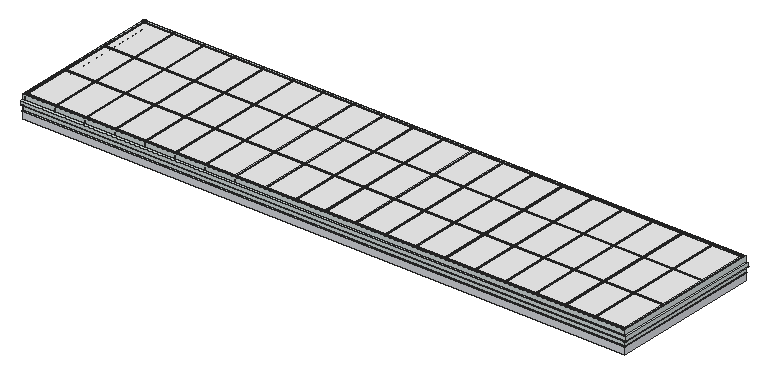
Revit family "9ab004c9-0dd5-42d9-a77c-b15780276715", category Windows, host Roof, Revit 2016
Family settings
  Host = Roof
  Work Plane-Based = No
  Always vertical = No
  Cut with Voids When Loaded = No
  Shared = No
  Room Calculation Point = No
Parameters
  opening length [instance] = OCD Length - (Curb Depth * 2)  # 19' - 8"
  opening width [instance] = OCD Width - (Curb Depth * 2)  # 4' - 8"
  grid width [instance] = 1' - 0"  # constant formula
  grid height [instance] = if([4' wide OCD], (panel width / 2' 0") * 1' 0", 1' 8")  # 1' - 8"
  curb setback = 0' - 0 5/16"  # constant formula
  panel length [instance] = OCD Length - (curb setback * 2)  # 19' - 11 3/8"
  panel width [instance] = OCD Width - (curb setback * 2)  # 4' - 11 3/8"
  construction curb height [instance] = Curb Height - 0' 0 5/128"  # 0' - 5 123/128"
  OCD Length [instance] = 20' - 0"
  OCD Width [instance] = if([5' wide OCD], 5' 0", 4' 0")  # 5' - 0"
  Kalwall Interior Facesheet [instance] = Kalwall White FRP
  Kalwall Exterior Facesheet [instance] = Kalwall Crystal FRP
  KCRF Material [instance] = KCRF Aluminum #79
  Curb Material [instance] = none
  Curb Height [instance] = 0' - 6"
  Curb Depth [instance] = 0' - 2"
  Analytic Construction = "<None>"
  5' wide OCD [instance] = not([4' wide OCD])  # yes
  4' wide OCD [instance] = no
  4" panel [instance] = not([2 3/4" panel])  # no
  2 3/4" panel [instance] = yes
Reference planes (in)
  plane 1 "Center (Front/Back)": y = 0
  plane 2 "Roof": z = 144
  plane 3 "Center (Left/Right)": x = 0
  plane 4: x = -120
  plane 5: x = 120
  plane 6: y = -30
  plane 7: y = 30
  plane 8 "curb height": z = 156
  plane 9 "construction curb height": z = 155.9609375
Forms (in)
  Sweep 1, solid, material "KCRF Aluminum #79" <- "KCRF Material"
    path origin (0, 0, 156) x (0, 1, 0) y (-1, 0, 0)
      loop
        line (30, 120) -> (-30, 120) -> (-30, -120) -> (30, -120) -> (30, 120)
    profile "Curb-Standard profile : Curb-Standard profile" origin (0, 30, 156) x (0, 1, 0) y (0, 0, 1)
      loop
        line (0.44, -0.858889) -> (0.44, 0.5575374) -> (0, 0.9975374) -> (0, 2.8651562)
        arc (0, 2.8651562) -> (-0.0263146, 2.9286854) -> (-0.0898438, 2.955) r 0.0898438
        line (-0.0898438, 2.955) -> (-0.9129935, 2.955)
        arc (-0.9129935, 2.955) -> (-0.9765226, 2.9286854) -> (-1.0028372, 2.8651562) r 0.0898438
        line (-1.0028372, 2.8651562) -> (-1.0028372, 2.83) -> (-0.08, 2.83) -> (-0.08, 0.08) -> (-0.8997316, 0.08) -> (-0.8997316, 0) -> (0.39, 0) -> (0.39, -0.8795997) -> (0.577, -1.0665997) -> (0.6123553, -1.0312444) -> (0.44, -0.858889)
  Sweep 2, solid, material "KCRF Aluminum #79" <- "KCRF Material"
    path origin (0, 0, 155.9609375) x (0, 1, 0) y (-1, 0, 0)
      loop
        line (-30, 120) -> (-30, -120) -> (30, -120) -> (30, 120) -> (-30, 120)
    profile "Curb flashing-standard profile : Curb flashing-standard profile" origin (0, -30, 155.9609375) x (0, 1, 0) y (0, 0, 1)
      loop
        line (2, 0) -> (2, 0.04) -> (-0.04, 0.04) -> (-0.04, -2.6709315) -> (-0.3376435, -2.9685749) -> (-0.3093592, -2.9968592) -> (0, -2.6875) -> (0, 0) -> (2, 0)
  Sweep 3, solid, material <- "Curb Material"
    path origin (0, 0, 150) x (0, 1, 0) y (-1, 0, 0)
      loop
        line (-30, 120) -> (-30, -120) -> (30, -120) -> (30, 120) -> (-30, 120)
    profile origin (0, -30, 150) x (0, 1, 0) y (0, 0, 1)
      loop
        line (0, 0) -> (2, 0) -> (2, 5.9609375) -> (0, 5.9609375) -> (0, 0)
Lines and regions (in)
  Opening 1
    outline origin (0, 0, 150) x (0, 1, 0) y (-1, 0, 0)
      loop
        line (28, 118) -> (-28, 118) -> (-28, -118) -> (28, -118) -> (28, 118)
Dimensions and locks (in)
  equal spacing: host sketch curve, plane 3 "Center (Left/Right)", host sketch curve
  equal spacing: host sketch curve, plane 1 "Center (Front/Back)", host sketch curve
  equal spacing: plane 7, plane 1 "Center (Front/Back)", plane 6
  "OCD Width": plane 7 to plane 6
  equal spacing: plane 4, plane 3 "Center (Left/Right)", plane 5
  "OCD Length": plane 4 to plane 5
  equal spacing: Opening 1 sketch curve, plane 3 "Center (Left/Right)", Opening 1 sketch curve
  "opening length": Opening 1 sketch curve to Opening 1 sketch curve
  equal spacing: Opening 1 sketch curve, plane 1 "Center (Front/Back)", Opening 1 sketch curve
  "opening width": Opening 1 sketch curve to Opening 1 sketch curve
  "Curb Height": plane 8 "curb height" to host roof
  "construction curb height": plane 9 "construction curb height" to host roof
  "construction curb height": Sweep 3 sketch curve to host roof
  "Curb Depth": Sweep 3 sketch curve to profile plane
  aligned and locked: plane 2 "Roof" to level
  aligned and locked: nested 1 to plane 1 "Center (Front/Back)"
  aligned and locked: plane 3 "Center (Left/Right)" to nested 1
  aligned and locked: Sweep 1 sketch curve to plane 7
  aligned and locked: plane 4 to Sweep 1 sketch curve
  aligned and locked: Sweep 1 sketch curve to plane 6
  aligned and locked: Sweep 1 sketch curve to plane 5
  aligned and locked: Sweep 2 sketch curve to plane 6
  aligned and locked: Sweep 2 sketch curve to plane 4
  aligned and locked: Sweep 2 sketch curve to plane 7
  aligned and locked: plane 5 to Sweep 2 sketch curve
  aligned and locked: Sweep 3 sketch curve to plane 6
  aligned and locked: Sweep 3 sketch curve to plane 4
  aligned and locked: Sweep 3 sketch curve to plane 7
  aligned and locked: plane 5 to Sweep 3 sketch curve
  aligned and locked: Sweep 3 sketch curve to profile plane
  aligned and locked: profile plane to Sweep 3 sketch curve
  aligned and locked: nested 1 to Sweep 1
Nested families (in)
  nested 1: "panel" at (0, 0, 156.08), type "panel"
    with panel length 19' - 11 3/8", no of vert ibeams 21
Definition of nested family "panel"
  Parameters (values of type "panel")
    panel length = 6' - 0"
    grid height = 1' - 8"
    panel width = 4' - 11 3/8"
    panel thickness = if([2 3/4" panel], 0' 2 3/4", if([4" panel], 0' 4", if(and([2 3/4" panel], [4" panel]), 0' 2 3/4", 0' 2 3/4")))  # 0' - 2 3/4"
    no of vert ibeams = if(Vertikal, panel length / 0' 10" + 1, if(and(Ladder, not(panel length > 10' 0")), 2, if(and(Ladder, panel length > 10' 0"), 3, panel length / grid width + 1)))  # 7
    no of horiz ibeams = if(and(Vertikal, panel width > 10' 0"), 3, if(Vertikal, 2, if(Ladder, panel width / 0' 10", panel width / grid height + 1)))  # 4
    grid width = 1' - 0"
    Vertikal = no
    Ladder = no
    Kalwall Interior Facesheet = none
    Kalwall Exterior Facesheet = none
    4" panel = no
    2 3/4" panel = yes
  Reference planes (in)
    plane 1 "Center (Front/Back)": y = 0
    plane 2: z = 0
    plane 3 "Center (Left/Right)": x = 0
    plane 4: y = 29.6875
    plane 5: y = -29.6875
    plane 6: x = -36
    plane 7: x = 36
    plane 8 "top side": z = 2.75
    plane 9: z = 2.6875
    plane 10: z = 0.0625
  Forms (in)
    Extrusion 1, solid, material <- "Kalwall Exterior Facesheet"
      sketch origin (0, 0, 2.75) x (-1, 0, 0) y (0, -1, 0)
        loop
          line (36, 29.6875) -> (-36, 29.6875) -> (-36, -29.6875) -> (36, -29.6875) -> (36, 29.6875)
      from 0 to -0.0625
    Extrusion 2, solid, material <- "Kalwall Interior Facesheet"
      sketch origin (0, 0, 2.75) x (-1, 0, 0) y (0, -1, 0)
        loop
          line (36, -29.6875) -> (36, 29.6875) -> (-36, 29.6875) -> (-36, -29.6875) -> (36, -29.6875)
      from -2.75 to -2.6875
  Dimensions and locks (in)
    equal spacing: plane 4, plane 1 "Center (Front/Back)", plane 5
    "panel width": plane 4 to plane 5
    equal spacing: plane 6, plane 3 "Center (Left/Right)", plane 7
    "panel length": plane 6 to plane 7
    "panel thickness": plane 8 "top side" to level
    equal spacing: group 1, group 6, group 7, group 8, group 9, group 10, group 2  (x3)
    equal spacing: group 3, group 5, group 11, group 4  (x3)
    locked: plane 8 "top side" to plane 9 at 0.0625
    locked: plane 10 to level at 0.0625
    aligned and locked: plane 2 to level
    aligned and locked: nested 1 to plane 6
    aligned and locked: nested 2 to plane 3 "Center (Left/Right)"
    aligned and locked: nested 2 to plane 5
    aligned and locked: plane 7 to nested 3
    aligned and locked: plane 4 to nested 4
    aligned and locked: Extrusion 1 sketch curve to plane 5
    aligned and locked: Extrusion 1 sketch curve to plane 6
    aligned and locked: plane 4 to Extrusion 1 sketch curve
    aligned and locked: plane 7 to Extrusion 1 sketch curve
    aligned and locked: Extrusion 1 to plane 9
    aligned and locked: Extrusion 2 to level
    aligned and locked: plane 10 to Extrusion 2
    aligned and locked: Extrusion 2 to plane 4
    aligned and locked: Extrusion 2 to plane 5
    aligned and locked: plane 7 to Extrusion 2
    aligned and locked: Extrusion 2 to plane 6
  Automatic sketch dimensions
    plane 6 to Extrusion 2 sketch curve = 6' - 0"
    Extrusion 2 sketch curve to Extrusion 2 sketch curve = 6' - 0"
    plane 4 to Extrusion 2 sketch curve = 0' - 0"
    Extrusion 2 sketch curve to plane 4 = 4' - 11 3/8"
  Nested families (in)
    nested 1: "ibeam" at (-35.75, 0, 0), type "ibeam vert"
    nested 2: "ibeam" at (0, -29.4375, 0) x (0, -1, 0) z (0, 0, 1), type "ibeam horiz"
      with panel thickness 0' - 2 3/4", ibeam length 6' - 0"
    nested 3: "ibeam" at (35.75, 0, 0), type "ibeam vert"
    nested 4: "ibeam" at (0, 29.4375, 0) x (0, -1, 0) z (0, 0, 1), type "ibeam horiz"
      with panel thickness 0' - 2 3/4", ibeam length 6' - 0"
    nested 5: "ibeam" at (0, -9.8125, 0) x (0, -1, 0) z (0, 0, 1), type "ibeam horiz"
      with panel thickness 0' - 2 3/4", ibeam length 6' - 0"
    nested 6: "ibeam" at (-23.8333333, 0, 0), type "ibeam vert"
    nested 7: "ibeam" at (-11.9166667, 0, 0), type "ibeam vert"
    nested 8: "ibeam" at (0, 0, 0), type "ibeam vert"
    nested 9: "ibeam" at (11.9166667, 0, 0), type "ibeam vert"
    nested 10: "ibeam" at (23.8333333, 0, 0), type "ibeam vert"
    nested 11: "ibeam" at (0, 9.8125, 0) x (0, -1, 0) z (0, 0, 1), type "ibeam horiz"
      with panel thickness 0' - 2 3/4", ibeam length 6' - 0"
  Definition of nested family "ibeam"
    Parameters (values of type "ibeam horiz")
      panel thickness = 0' - 2"
      ibeam length = 20' - 11 3/8"
    Types (2): name | panel thickness | ibeam length
      ibeam horiz | 0' - 2" | 20' - 11 3/8"
      ibeam vert | 0' - 2 3/4" | 4' - 11 3/8"
    Reference planes (in)
      plane 1 "Center (Front/Back)": y = 0
      plane 2: z = 0
      plane 3 "Center (Left/Right)": x = 0
      plane 4: y = -125.6875
      plane 5: y = 125.6875
      plane 6: z = 2
      plane 7: z = 1.8229853
      plane 8: z = 1.744
    Forms (in)
      Extrusion 1, solid
        sketch origin (0, 0, 0) x (1, 0, 0) y (0, 0, 1)
          loop
            line (-0.25, 1.744) -> (-0.1979778, 1.744) -> (-0.1979778, 1.7929238)
            arc (-0.1979778, 1.7929238) -> (-0.1891729, 1.8141805) -> (-0.1679163, 1.8229853) r 0.0300615
            line (-0.1679163, 1.8229853) -> (-0.1289904, 1.8229853)
            arc (-0.1289904, 1.8229853) -> (-0.0738385, 1.8001406) -> (-0.0509939, 1.7449887) r 0.0779966
            line (-0.0509939, 1.7449887) -> (-0.0509939, 0.254978)
            arc (-0.0509939, 0.254978) -> (-0.073845, 0.1998104) -> (-0.1290126, 0.1769592) r 0.0780188
            line (-0.1290126, 0.1769592) -> (-0.1679406, 0.1769592)
            arc (-0.1679406, 0.1769592) -> (-0.1891456, 0.1857426) -> (-0.197929, 0.2069476) r 0.0299884
            line (-0.197929, 0.2069476) -> (-0.197929, 0.256) -> (-0.25, 0.256) -> (-0.25, 0) -> (0.25, 0) -> (0.25, 0.256) -> (0.1980238, 0.256) -> (0.1980238, 0.2069238)
            arc (0.1980238, 0.2069238) -> (0.1892543, 0.1857524) -> (0.168083, 0.176983) r 0.0299408
            line (0.168083, 0.176983) -> (0.1290067, 0.176983)
            arc (0.1290067, 0.176983) -> (0.0738475, 0.1998306) -> (0.0509998, 0.2549898) r 0.0780069
            line (0.0509998, 0.2549898) -> (0.0509998, 1.7449917)
            arc (0.0509998, 1.7449917) -> (0.0738436, 1.8001415) -> (0.1289934, 1.8229853) r 0.0779936
            line (0.1289934, 1.8229853) -> (0.1679165, 1.8229853)
            arc (0.1679165, 1.8229853) -> (0.1891726, 1.8141807) -> (0.1979772, 1.7929246) r 0.0300607
            line (0.1979772, 1.7929246) -> (0.1979772, 1.744) -> (0.25, 1.744) -> (0.25, 2) -> (-0.25, 2) -> (-0.25, 1.744)
        from -125.6875 to 125.6875
    Dimensions and locks (in)
      equal spacing: plane 5, plane 1 "Center (Front/Back)", plane 4
      "ibeam length": plane 5 to plane 4
      "panel thickness": plane 6 to level
      locked: plane 6 to plane 7 at 0.1770147
      locked: plane 6 to plane 8 at 0.256
      aligned and locked: plane 2 to level
      aligned and locked: plane 6 to Extrusion 1 sketch curve
      aligned and locked: Extrusion 1 to plane 4
      aligned and locked: plane 5 to Extrusion 1
    Automatic sketch dimensions
      Extrusion 1 sketch curve to plane 8 = 0' - 0"  (x2)
      Extrusion 1 sketch curve to level = 0' - 0"
      Extrusion 1 sketch curve to plane 7 = 0' - 0"  (x2)
      Extrusion 1 sketch curve to plane 3 "Center (Left/Right)" = 0' - 0 1/4"  (x2)
      Extrusion 1 sketch curve to Extrusion 1 sketch curve = 0' - 0.05202"  (x2)
      Extrusion 1 sketch curve to Extrusion 1 sketch curve = 0' - 0.05207"
      Extrusion 1 sketch curve to Extrusion 1 sketch curve = 0' - 0.02999"
      plane 7 to Extrusion 1 sketch curve = 0' - 0.03006"
      Extrusion 1 sketch curve to Extrusion 1 sketch curve = 0' - 0.03893"  (x2)
      Extrusion 1 sketch curve to plane 3 "Center (Left/Right)" = 0' - 0.05099"
      plane 3 "Center (Left/Right)" to Extrusion 1 sketch curve = 0' - 0.051"
      plane 8 to Extrusion 1 sketch curve = 0' - 0.00099"
      Extrusion 1 sketch curve to Extrusion 1 sketch curve = 0' - 0.07801"
      Extrusion 1 sketch curve to Extrusion 1 sketch curve = 0' - 0.03892"
      Extrusion 1 sketch curve to Extrusion 1 sketch curve = 0' - 0 5/128"
      Extrusion 1 sketch curve to Extrusion 1 sketch curve = 0' - 0.03006"
      Extrusion 1 sketch curve to Extrusion 1 sketch curve = 0' - 0.02994"
      Extrusion 1 sketch curve to Extrusion 1 sketch curve = 0' - 0.05198"
      level to Extrusion 1 sketch curve = 0' - 0.17696"
      level to Extrusion 1 sketch curve = 0' - 0.17698"
      Extrusion 1 sketch curve to Extrusion 1 sketch curve = 0' - 0.04905"
      Extrusion 1 sketch curve to Extrusion 1 sketch curve = 0' - 0.04908"
